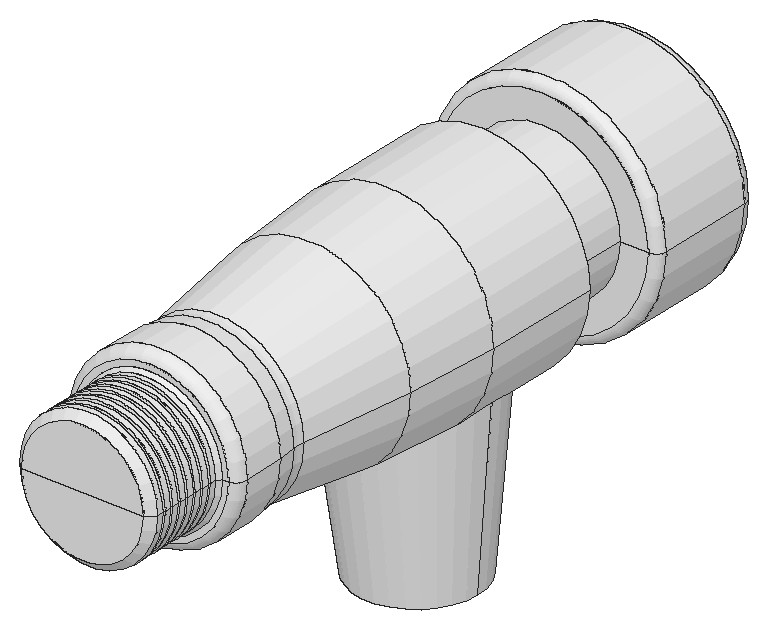
Revit family
Parameters (values of type "Type 1")
  WaterSupplyTemperatureMaximum = "55°C-85° (∆50°C : CW/HW)"
  WarrantyDurationUnit = "10 years"
  WarrantyDescription = "Any manufacturing defect"
  Version = "v1"
  URL = "http://www.delabie.com"
  Type Comments = "Wall-mounted time flow tap"
  SerialNumber = "3456330008280"
  Radius = 10.3 mm
  ProductInformation = "http://www.delabie.com/products/746001"
  Operation = "Time flow tap"
  NominalLength = 50 mm
  Name = "TEMPOSTOP"
  ModelNumber = "746001"
  Model = "TEMPOSTOP"
  Material = Solid brass
  ManufacturerURL = "http://www.delabie.com"
  ManufacturerName = "DELABIE"
  Manufacturer = "DELABIE"
  IntegralAccessoryOptions = "Thermostatic mixing valve"
  IntegralAccessory = "Antiblocking system"
  Grade = "ACS - PZH"
  FlowRate lps = "0,05 lps at 3 bar"
  FlowRate lpm = "3 lpm at 3 bar"
  Finish = Chrome-plated
  Features  = "Wall-mounted time flow basin tap:\r\nTime flow ~7 sec.\r\nFlow rate pre-set at 3 lpm at 3 bar, can be adjusted from 1.5 to 6 lpm.\r\nTamperproof scale-resistant flow straightener.\r\nSolid chrome-plated brass body M½\" .\r\nAvailable with AB anti-blocking system: water will flow only when the push-button is released."
  Description = "French manufacturer Delabie is a leader in the European sanitary ware market for non-domestic places. Water controls, solutions for disabled people, sanitary ware, for schools, leisure centres, offices, hospitals, airports…"
  Category = "Basin tap"
  Assembly Code = ""
Reference planes
  plane 1 "Wall": y = 0
  plane 2 "Center (Left/Right)": x = 125
  plane 3 "Back": y = 75
  plane 4: y = 75
Text (mm)
  text "Placement Side" at (-1848.837, 1116.779, 0), in view "Ref. Level"
  text "Placement side" at (0, 1409.804, 2854.306), in view "Left"
  text "Placement side" at (0, 499.811, 2980.732), in view "Right"
Dimensions and locks
  locked: plane 3 "Back" to host wall
  locked: plane 3 "Back" to nested 1 at 88.724
  locked: plane 4 to nested 1 at 61.979
  aligned and locked: plane 1 "Wall" to host wall
  aligned and locked: plane 4 to plane 3 "Back"
Nested families
  nested 1: "746001-22122015" at (125, 114.86, 175), type "746001-22122015"
Connectors
  piping at (125, 62.476, 219.45), driven by "Radius"
    settings: on nested 1, index 1, connector radius 10.3 mm, flow factor 0, pipe flow 0.05 L/s, pressure drop 0.0 Pa, fitting loss kfactor 0, connector angle 0.00°, fixture units 0, flow configuration 0, flow direction 1, fitting loss method 0, system type 19, connector reference index -1, connector utility 0, adjustable connector no, is connector primary yes, fitting loss table "", connector description "In - Cold water or mixed water"
Definition of nested family "746001-22122015"
  Parameters (values of type "746001-22122015")
    Assembly Code = ""
    Description = ""
    URL = "http://www.delabie.fr/"
    Type Comments = ""
    Technologie = ""
    Radius = 0 mm
    Raccordement = ""
    Profondeur = ""
    Model = ""
    Matériau 4 = DELABIE Matériau  4
    Matériau 3 = DELABIE Matériau  3
    Matériau 2 = DELABIE Matériau  2
    Matériau 1 = DELABIE Matériau  1
    Manufacturer = "DELABIE"
    Lien notice d'installation = ""
    Lien fiche produit = ""
    Lien certification = ""
    Lien CCTP = ""
    Largeur = ""
    Hauteur = ""
    Finition = ""
    Famille de produits = ""
    Débit = ""
    Butée de température = ""
    Alimentation = ""
  Reference planes
    plane 1 "Center (Front/Back)": y = 0
    plane 2: z = 0
    plane 3 "Center (Left/Right)": x = 0
  Forms (mm)
    Revolve 1, solid, material "DELABIE Matériau  1" <- "Matériau 1"
      sketch origin (0, 0, 44.45) x (1, 0, 0) y (0, 1, 0)
        loop
          line (0, 52.384) -> (0, -52.36) -> (7.4, -52.36)
          arc (7.4, -52.36) -> (11.706, -51.945) -> (15.854, -50.717) r 22.568
          arc (15.854, -50.717) -> (16.809, -49.984) -> (17.25, -48.864) r 2.252
          line (17.25, -48.864) -> (17.25, -34.36)
          arc (17.25, -34.36) -> (16.811, -33.299) -> (15.75, -32.86) r 1.5
          line (15.75, -32.86) -> (11.521, -32.86) -> (11.521, -23.646) -> (12.501, -23.646) -> (13.486, -23.187) -> (13.486, -22.119) -> (14.479, -22.119) -> (15.975, -21.661) -> (15.975, -4.01) -> (14.979, 10.233) -> (12.598, 27.176)
          arc (12.598, 27.176) -> (12.534, 28.09) -> (12.598, 29.005) r 6.57
          line (12.598, 29.005) -> (12.995, 31.834) -> (12.995, 38.026)
          arc (12.995, 38.026) -> (12.611, 39.174) -> (11.613, 39.86) r 1.908
          line (11.613, 39.86) -> (10.698, 39.86) -> (10.25, 40.577) -> (10.25, 41.425) -> (9.062, 41.699) -> (10.25, 41.973) -> (10.25, 42.821) -> (9.062, 43.095) -> (10.25, 43.37) -> (10.25, 44.217) -> (9.062, 44.492) -> (10.25, 44.766) -> (10.25, 45.614) -> (9.062, 45.888) -> (10.25, 46.162) -> (10.25, 47.01) -> (9.062, 47.284) -> (10.25, 47.559) -> (10.25, 48.407) -> (9.062, 48.681) -> (10.25, 48.955) -> (10.25, 49.803) -> (9.062, 50.077) -> (10.25, 50.352) -> (10.25, 51.199) -> (9.066, 52.384) -> (0, 52.384)
        axis (0, -52.36) -> (0, 52.384)
      angle from 0 to 360
    SweptBlend 2, solid, material "DELABIE Matériau  1" <- "Matériau 1"
      path origin (0, 0, 0) x (1, 0, 0) y (0, 0, 1)
        loop
          line (0, 6.777) -> (0, 34.395)
      profile origin (0, 0, 6.777) x (-1, 0, 0) y (0, -1, 0)
        loop
          circle (0, 9.664) r 9.039
      end profile origin (0, 0, 34.395) x (-1, 0, 0) y (0, -1, 0)
        loop
          circle (0, 8.43) r 12.036
